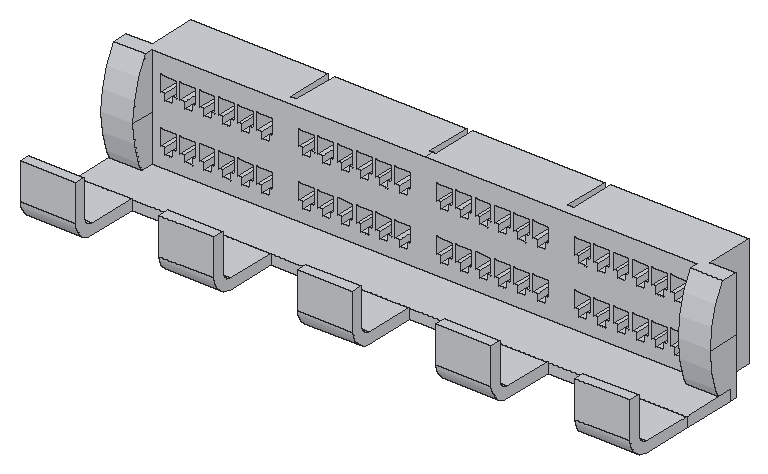
Revit family
Parameters
  Material ID = "760128207\r\n760128207"
  Description = "360 PATCHMAX GS6 6A U/UTP Patch Panel, 48"
Reference planes (in)
  plane 1 "Center (Front/Back)": y = 0
  plane 2: z = 0
  plane 3 "Center (Left/Right)": x = 0
Forms (in)
  Extrusion 1, solid
    sketch origin (0, 0, 0) x (1, 0, 0) y (0, 0, 1)
      loop
        line (0, 1.75) -> (-9.5, 1.75) -> (-9.5, 0) -> (-9.5, -1.75) -> (0, -1.75) -> (9.5, -1.75) -> (9.5, 0) -> (9.5, 1.75) -> (0, 1.75)
    from 0 to 2.5
  Extrusion 2, void
    sketch origin (0, 0, 0) x (0, 1, 0) y (0, 0, 1)
      loop
        line (-2, 1.75) -> (-3.8877, 1.75) -> (-3.8877, -1.75) -> (-2, -1.75)
        arc (-2, -1.75) -> (-2.4805, 0) -> (-2, 1.75) r 3.42703
    from -11.51115 to 12
  Extrusion 3, void
    sketch origin (0, 0, 0) x (1, 0, 0) y (0, 0, 1)
      loop
        line (-8.5, 1.75) -> (-8.5, 0) -> (-8.5, -1.75) -> (0, -1.75) -> (8.5, -1.75) -> (8.5, 0) -> (8.5, 1.75) -> (0, 1.75) -> (-8.5, 1.75)
    from 1.75233 to 12
  Extrusion 4, void
    sketch origin (0, 0, 0) x (0, 1, 0) y (0, 0, 1)
      loop
        line (0, 1.75) -> (-1.5, 1.75) -> (-1.5, -1.75) -> (0, -1.75) -> (0, 1.75)
    from 8.68821 to 11.36382
  Extrusion 5, void
    sketch origin (0, 0, 0) x (0, 1, 0) y (0, 0, -1)
      loop
        line (0, -1.75) -> (0, 1.75) -> (-1.5, 1.75) -> (-1.5, -1.75) -> (0, -1.75)
    from 8.68821 to 11.36382
  Extrusion 6, void, not visible
    sketch origin (0, 0, 0) x (1, 0, 0) y (0, 0, 1)
      loop
        line (-7.85662, 0.48089) -> (-7.85662, -0.39002) -> (-7.67285, -0.39002) -> (-7.67285, -0.64002) -> (-7.0736, -0.64002) -> (-7.0736, -0.39002) -> (-6.92978, -0.39002) -> (-6.92978, 0.48089) -> (-7.85662, 0.48089)
    from -3.79215 to 12
  Extrusion 7, void
    sketch origin (0, 0, 0.75) x (1, 0, 0) y (0, 0, 1)
      loop
        line (-8.21397, 0.42583) -> (-8.21397, -0.07417) -> (-8.08657, -0.07417) -> (-8.08657, -0.27417) -> (-7.83657, -0.27417) -> (-7.83657, -0.07417) -> (-7.72497, -0.07417) -> (-7.72497, 0.42583) -> (-8.21397, 0.42583)
    from 0.74059 to 3.34334
  Extrusion 8, void
    sketch origin (0.6, 0, 0.75) x (1, 0, 0) y (0, 0, 1)
      loop
        line (-8.21397, 0.42583) -> (-8.21397, -0.07417) -> (-8.08657, -0.07417) -> (-8.08657, -0.27417) -> (-7.83657, -0.27417) -> (-7.83657, -0.07417) -> (-7.72497, -0.07417) -> (-7.72497, 0.42583) -> (-8.21397, 0.42583)
    from 0.74059 to 3.34334
  Extrusion 9, void
    sketch origin (1.2, 0, 0.75) x (1, 0, 0) y (0, 0, 1)
      loop
        line (-8.21397, 0.42583) -> (-8.21397, -0.07417) -> (-8.08657, -0.07417) -> (-8.08657, -0.27417) -> (-7.83657, -0.27417) -> (-7.83657, -0.07417) -> (-7.72497, -0.07417) -> (-7.72497, 0.42583) -> (-8.21397, 0.42583)
    from 0.74059 to 3.34334
  Extrusion 10, void
    sketch origin (1.8, 0, 0.75) x (1, 0, 0) y (0, 0, 1)
      loop
        line (-8.21397, 0.42583) -> (-8.21397, -0.07417) -> (-8.08657, -0.07417) -> (-8.08657, -0.27417) -> (-7.83657, -0.27417) -> (-7.83657, -0.07417) -> (-7.72497, -0.07417) -> (-7.72497, 0.42583) -> (-8.21397, 0.42583)
    from 0.74059 to 3.34334
  Extrusion 11, void
    sketch origin (2.4, 0, 0.75) x (1, 0, 0) y (0, 0, 1)
      loop
        line (-8.21397, 0.42583) -> (-8.21397, -0.07417) -> (-8.08657, -0.07417) -> (-8.08657, -0.27417) -> (-7.83657, -0.27417) -> (-7.83657, -0.07417) -> (-7.72497, -0.07417) -> (-7.72497, 0.42583) -> (-8.21397, 0.42583)
    from 0.74059 to 3.34334
  Extrusion 12, void
    sketch origin (3, 0, 0.75) x (1, 0, 0) y (0, 0, 1)
      loop
        line (-8.21397, 0.42583) -> (-8.21397, -0.07417) -> (-8.08657, -0.07417) -> (-8.08657, -0.27417) -> (-7.83657, -0.27417) -> (-7.83657, -0.07417) -> (-7.72497, -0.07417) -> (-7.72497, 0.42583) -> (-8.21397, 0.42583)
    from 0.74059 to 3.34334
  Extrusion 13, void, not visible
    sketch origin (0, 0, 0) x (1, 0, 0) y (0, 0, 1)
      loop
        line (-8.21397, 0.42583) -> (-8.21397, -0.07417) -> (-8.08657, -0.07417) -> (-8.08657, -0.27417) -> (-7.83657, -0.27417) -> (-7.83657, -0.07417) -> (-7.72497, -0.07417) -> (-7.72497, 0.42583) -> (-8.21397, 0.42583)
    from 0.74059 to 3.34334
  Extrusion 14, void
    sketch origin (4.3, 0, 0.75) x (1, 0, 0) y (0, 0, 1)
      loop
        line (-8.21397, 0.42583) -> (-8.21397, -0.07417) -> (-8.08657, -0.07417) -> (-8.08657, -0.27417) -> (-7.83657, -0.27417) -> (-7.83657, -0.07417) -> (-7.72497, -0.07417) -> (-7.72497, 0.42583) -> (-8.21397, 0.42583)
    from 0.74059 to 3.34334
  Extrusion 15, void
    sketch origin (4.9, 0, 0.75) x (1, 0, 0) y (0, 0, 1)
      loop
        line (-8.21397, 0.42583) -> (-8.21397, -0.07417) -> (-8.08657, -0.07417) -> (-8.08657, -0.27417) -> (-7.83657, -0.27417) -> (-7.83657, -0.07417) -> (-7.72497, -0.07417) -> (-7.72497, 0.42583) -> (-8.21397, 0.42583)
    from 0.74059 to 3.34334
  Extrusion 16, void
    sketch origin (5.5, 0, 0.75) x (1, 0, 0) y (0, 0, 1)
      loop
        line (-8.21397, 0.42583) -> (-8.21397, -0.07417) -> (-8.08657, -0.07417) -> (-8.08657, -0.27417) -> (-7.83657, -0.27417) -> (-7.83657, -0.07417) -> (-7.72497, -0.07417) -> (-7.72497, 0.42583) -> (-8.21397, 0.42583)
    from 0.74059 to 3.34334
  Extrusion 17, void
    sketch origin (6.1, 0, 0.75) x (1, 0, 0) y (0, 0, 1)
      loop
        line (-8.21397, 0.42583) -> (-8.21397, -0.07417) -> (-8.08657, -0.07417) -> (-8.08657, -0.27417) -> (-7.83657, -0.27417) -> (-7.83657, -0.07417) -> (-7.72497, -0.07417) -> (-7.72497, 0.42583) -> (-8.21397, 0.42583)
    from 0.74059 to 3.34334
  Extrusion 18, void
    sketch origin (6.7, 0, 0.75) x (1, 0, 0) y (0, 0, 1)
      loop
        line (-8.21397, 0.42583) -> (-8.21397, -0.07417) -> (-8.08657, -0.07417) -> (-8.08657, -0.27417) -> (-7.83657, -0.27417) -> (-7.83657, -0.07417) -> (-7.72497, -0.07417) -> (-7.72497, 0.42583) -> (-8.21397, 0.42583)
    from 0.74059 to 3.34334
  Extrusion 19, void
    sketch origin (7.3, 0, 0.75) x (1, 0, 0) y (0, 0, 1)
      loop
        line (-8.21397, 0.42583) -> (-8.21397, -0.07417) -> (-8.08657, -0.07417) -> (-8.08657, -0.27417) -> (-7.83657, -0.27417) -> (-7.83657, -0.07417) -> (-7.72497, -0.07417) -> (-7.72497, 0.42583) -> (-8.21397, 0.42583)
    from 0.74059 to 3.34334
  Extrusion 20, void
    sketch origin (8.6, 0, 0.75) x (1, 0, 0) y (0, 0, 1)
      loop
        line (-8.21397, 0.42583) -> (-8.21397, -0.07417) -> (-8.08657, -0.07417) -> (-8.08657, -0.27417) -> (-7.83657, -0.27417) -> (-7.83657, -0.07417) -> (-7.72497, -0.07417) -> (-7.72497, 0.42583) -> (-8.21397, 0.42583)
    from 0.74059 to 3.34334
  Extrusion 21, void
    sketch origin (9.2, 0, 0.75) x (1, 0, 0) y (0, 0, 1)
      loop
        line (-8.21397, 0.42583) -> (-8.21397, -0.07417) -> (-8.08657, -0.07417) -> (-8.08657, -0.27417) -> (-7.83657, -0.27417) -> (-7.83657, -0.07417) -> (-7.72497, -0.07417) -> (-7.72497, 0.42583) -> (-8.21397, 0.42583)
    from 0.74059 to 3.34334
  Extrusion 22, void
    sketch origin (9.8, 0, 0.75) x (1, 0, 0) y (0, 0, 1)
      loop
        line (-8.21397, 0.42583) -> (-8.21397, -0.07417) -> (-8.08657, -0.07417) -> (-8.08657, -0.27417) -> (-7.83657, -0.27417) -> (-7.83657, -0.07417) -> (-7.72497, -0.07417) -> (-7.72497, 0.42583) -> (-8.21397, 0.42583)
    from 0.74059 to 3.34334
  Extrusion 23, void
    sketch origin (10.4, 0, 0.75) x (1, 0, 0) y (0, 0, 1)
      loop
        line (-8.21397, 0.42583) -> (-8.21397, -0.07417) -> (-8.08657, -0.07417) -> (-8.08657, -0.27417) -> (-7.83657, -0.27417) -> (-7.83657, -0.07417) -> (-7.72497, -0.07417) -> (-7.72497, 0.42583) -> (-8.21397, 0.42583)
    from 0.74059 to 3.34334
  Extrusion 24, void
    sketch origin (11, 0, 0.75) x (1, 0, 0) y (0, 0, 1)
      loop
        line (-8.21397, 0.42583) -> (-8.21397, -0.07417) -> (-8.08657, -0.07417) -> (-8.08657, -0.27417) -> (-7.83657, -0.27417) -> (-7.83657, -0.07417) -> (-7.72497, -0.07417) -> (-7.72497, 0.42583) -> (-8.21397, 0.42583)
    from 0.74059 to 3.34334
  Extrusion 25, void
    sketch origin (11.6, 0, 0.75) x (1, 0, 0) y (0, 0, 1)
      loop
        line (-8.21397, 0.42583) -> (-8.21397, -0.07417) -> (-8.08657, -0.07417) -> (-8.08657, -0.27417) -> (-7.83657, -0.27417) -> (-7.83657, -0.07417) -> (-7.72497, -0.07417) -> (-7.72497, 0.42583) -> (-8.21397, 0.42583)
    from 0.74059 to 3.34334
  Extrusion 26, void
    sketch origin (12.9, 0, 0.75) x (1, 0, 0) y (0, 0, 1)
      loop
        line (-8.21397, 0.42583) -> (-8.21397, -0.07417) -> (-8.08657, -0.07417) -> (-8.08657, -0.27417) -> (-7.83657, -0.27417) -> (-7.83657, -0.07417) -> (-7.72497, -0.07417) -> (-7.72497, 0.42583) -> (-8.21397, 0.42583)
    from 0.74059 to 3.34334
  Extrusion 27, void
    sketch origin (13.5, 0, 0.75) x (1, 0, 0) y (0, 0, 1)
      loop
        line (-8.21397, 0.42583) -> (-8.21397, -0.07417) -> (-8.08657, -0.07417) -> (-8.08657, -0.27417) -> (-7.83657, -0.27417) -> (-7.83657, -0.07417) -> (-7.72497, -0.07417) -> (-7.72497, 0.42583) -> (-8.21397, 0.42583)
    from 0.74059 to 3.34334
  Extrusion 28, void
    sketch origin (14.1, 0, 0.75) x (1, 0, 0) y (0, 0, 1)
      loop
        line (-8.21397, 0.42583) -> (-8.21397, -0.07417) -> (-8.08657, -0.07417) -> (-8.08657, -0.27417) -> (-7.83657, -0.27417) -> (-7.83657, -0.07417) -> (-7.72497, -0.07417) -> (-7.72497, 0.42583) -> (-8.21397, 0.42583)
    from 0.74059 to 3.34334
  Extrusion 29, void
    sketch origin (14.7, 0, 0.75) x (1, 0, 0) y (0, 0, 1)
      loop
        line (-8.21397, 0.42583) -> (-8.21397, -0.07417) -> (-8.08657, -0.07417) -> (-8.08657, -0.27417) -> (-7.83657, -0.27417) -> (-7.83657, -0.07417) -> (-7.72497, -0.07417) -> (-7.72497, 0.42583) -> (-8.21397, 0.42583)
    from 0.74059 to 3.34334
  Extrusion 30, void
    sketch origin (15.3, 0, 0.75) x (1, 0, 0) y (0, 0, 1)
      loop
        line (-8.21397, 0.42583) -> (-8.21397, -0.07417) -> (-8.08657, -0.07417) -> (-8.08657, -0.27417) -> (-7.83657, -0.27417) -> (-7.83657, -0.07417) -> (-7.72497, -0.07417) -> (-7.72497, 0.42583) -> (-8.21397, 0.42583)
    from 0.74059 to 3.34334
  Extrusion 31, void
    sketch origin (15.9, 0, 0.75) x (1, 0, 0) y (0, 0, 1)
      loop
        line (-8.21397, 0.42583) -> (-8.21397, -0.07417) -> (-8.08657, -0.07417) -> (-8.08657, -0.27417) -> (-7.83657, -0.27417) -> (-7.83657, -0.07417) -> (-7.72497, -0.07417) -> (-7.72497, 0.42583) -> (-8.21397, 0.42583)
    from 0.74059 to 3.34334
  Extrusion 32, solid
    sketch origin (0, 0, 0) x (1, 0, 0) y (0, 0, 1)
      loop
        line (-9.5, -1.75) -> (9.5, -1.75) -> (9.5, -1.42045) -> (-9.5, -1.42045) -> (-9.5, -1.75)
    from 1.75233 to 3.42578
  Sweep 33, solid
    path origin (-12.96098, 0, 0) x (0, 1, 0) y (0, 0, 1)
      loop
        line (-3.42578, -1.75) -> (-4.97582, -1.75)
        arc (-4.97582, -1.75) -> (-5.41551, -1.5688) -> (-5.62847, -1.14359) r 0.67897
        line (-5.62847, -1.14359) -> (-5.62847, 0)
    profile origin (-12.96098, -4.2008, -1.75) x (0, 0, -1) y (1, 0, 0)
      loop
        line (0, 3.46098) -> (0, 5.17967) -> (-0.32955, 5.17967) -> (-0.32955, 3.46098) -> (0, 3.46098)
  Sweep 34, solid
    path origin (4.32033, 0, 0) x (0, 1, 0) y (0, 0, 1)
      loop
        line (-3.42578, -1.75) -> (-4.97582, -1.75)
        arc (-4.97582, -1.75) -> (-5.41551, -1.5688) -> (-5.62847, -1.14359) r 0.67897
        line (-5.62847, -1.14359) -> (-5.62847, 0)
    profile origin (4.32033, -4.2008, -1.75) x (0, 0, -1) y (1, 0, 0)
      loop
        line (0, 3.46098) -> (0, 5.17967) -> (-0.32955, 5.17967) -> (-0.32955, 3.46098) -> (0, 3.46098)
  Sweep 35, solid
    path origin (-8.64065, 0, 0) x (0, 1, 0) y (0, 0, 1)
      loop
        line (-3.42578, -1.75) -> (-4.97582, -1.75)
        arc (-4.97582, -1.75) -> (-5.41551, -1.5688) -> (-5.62847, -1.14359) r 0.67897
        line (-5.62847, -1.14359) -> (-5.62847, 0)
    profile origin (-8.64065, -4.2008, -1.75) x (0, 0, -1) y (1, 0, 0)
      loop
        line (0, 3.46098) -> (0, 5.17967) -> (-0.32955, 5.17967) -> (-0.32955, 3.46098) -> (0, 3.46098)
  Sweep 36, solid
    path origin (-4.32033, 0, 0) x (0, 1, 0) y (0, 0, 1)
      loop
        line (-3.42578, -1.75) -> (-4.97582, -1.75)
        arc (-4.97582, -1.75) -> (-5.41551, -1.5688) -> (-5.62847, -1.14359) r 0.67897
        line (-5.62847, -1.14359) -> (-5.62847, 0)
    profile origin (-4.32033, -4.2008, -1.75) x (0, 0, -1) y (1, 0, 0)
      loop
        line (0, 3.46098) -> (0, 5.17967) -> (-0.32955, 5.17967) -> (-0.32955, 3.46098) -> (0, 3.46098)
  Sweep 37, solid
    path origin (0, 0, 0) x (0, 1, 0) y (0, 0, 1)
      loop
        line (-3.42578, -1.75) -> (-4.97582, -1.75)
        arc (-4.97582, -1.75) -> (-5.41551, -1.5688) -> (-5.62847, -1.14359) r 0.67897
        line (-5.62847, -1.14359) -> (-5.62847, 0)
    profile origin (0, -4.2008, -1.75) x (0, 0, -1) y (1, 0, 0)
      loop
        line (0, 3.46098) -> (0, 5.17967) -> (-0.32955, 5.17967) -> (-0.32955, 3.46098) -> (0, 3.46098)
  Extrusion 38, void
    sketch origin (0, 0, 0) x (1, 0, 0) y (0, 0, 1)
      loop
        line (9.21516, 1.20765) -> (9.01112, 1.20765)
        arc (9.01112, 1.20765) -> (8.88612, 1.08265) -> (9.01112, 0.95765) r 0.125
        line (9.01112, 0.95765) -> (9.21516, 0.95765)
        arc (9.21516, 0.95765) -> (9.34016, 1.08265) -> (9.21516, 1.20765) r 0.125
    from -0.81157 to 2
  Extrusion 39, void
    sketch origin (0, 0, 0) x (1, 0, 0) y (0, 0, 1)
      loop
        arc (9.21516, -1.20765) -> (9.34016, -1.08265) -> (9.21516, -0.95765) r 0.125
        line (9.21516, -0.95765) -> (9.01112, -0.95765)
        arc (9.01112, -0.95765) -> (8.88612, -1.08265) -> (9.01112, -1.20765) r 0.125
        line (9.01112, -1.20765) -> (9.21516, -1.20765)
    from -0.81157 to 2
  Extrusion 40, void
    sketch origin (0, 0, 0) x (-1, 0, 0) y (0, 0, -1)
      loop
        arc (9.21516, -1.20765) -> (9.34016, -1.08265) -> (9.21516, -0.95765) r 0.125
        line (9.21516, -0.95765) -> (9.01112, -0.95765)
        arc (9.01112, -0.95765) -> (8.88612, -1.08265) -> (9.01112, -1.20765) r 0.125
        line (9.01112, -1.20765) -> (9.21516, -1.20765)
    from -0.81157 to 2
  Extrusion 41, void
    sketch origin (0, 0, 0) x (-1, 0, 0) y (0, 0, -1)
      loop
        line (9.21516, 1.20765) -> (9.01112, 1.20765)
        arc (9.01112, 1.20765) -> (8.88612, 1.08265) -> (9.01112, 0.95765) r 0.125
        line (9.01112, 0.95765) -> (9.21516, 0.95765)
        arc (9.21516, 0.95765) -> (9.34016, 1.08265) -> (9.21516, 1.20765) r 0.125
    from -0.81157 to 2
  Extrusion 42, void
    sketch origin (0, 0, 0) x (1, 0, 0) y (0, 0, 1)
      loop
        line (4.40826, 1.75) -> (4.20826, 1.75) -> (4.20826, -1.75) -> (4.40826, -1.75) -> (4.40826, 1.75)
    from 0 to 1.44779
  Extrusion 43, void
    sketch origin (-4.29969, 0, 0) x (1, 0, 0) y (0, 0, 1)
      loop
        line (4.40826, 1.75) -> (4.20826, 1.75) -> (4.20826, -1.75) -> (4.40826, -1.75) -> (4.40826, 1.75)
    from 0 to 1.44779
  Extrusion 44, void
    sketch origin (-8.6195, 0, 0) x (1, 0, 0) y (0, 0, 1)
      loop
        line (4.40826, 1.75) -> (4.20826, 1.75) -> (4.20826, -1.75) -> (4.40826, -1.75) -> (4.40826, 1.75)
    from 0 to 1.44779
  Extrusion 45, void
    sketch origin (0, 0, -0.75) x (1, 0, 0) y (0, 0, 1)
      loop
        line (-8.21397, 0.42583) -> (-8.21397, -0.07417) -> (-8.08657, -0.07417) -> (-8.08657, -0.27417) -> (-7.83657, -0.27417) -> (-7.83657, -0.07417) -> (-7.72497, -0.07417) -> (-7.72497, 0.42583) -> (-8.21397, 0.42583)
    from 0.74059 to 3.34334
  Extrusion 46, void
    sketch origin (0.6, 0, -0.75) x (1, 0, 0) y (0, 0, 1)
      loop
        line (-8.21397, 0.42583) -> (-8.21397, -0.07417) -> (-8.08657, -0.07417) -> (-8.08657, -0.27417) -> (-7.83657, -0.27417) -> (-7.83657, -0.07417) -> (-7.72497, -0.07417) -> (-7.72497, 0.42583) -> (-8.21397, 0.42583)
    from 0.74059 to 3.34334
  Extrusion 47, void
    sketch origin (1.2, 0, -0.75) x (1, 0, 0) y (0, 0, 1)
      loop
        line (-8.21397, 0.42583) -> (-8.21397, -0.07417) -> (-8.08657, -0.07417) -> (-8.08657, -0.27417) -> (-7.83657, -0.27417) -> (-7.83657, -0.07417) -> (-7.72497, -0.07417) -> (-7.72497, 0.42583) -> (-8.21397, 0.42583)
    from 0.74059 to 3.34334
  Extrusion 48, void
    sketch origin (1.8, 0, -0.75) x (1, 0, 0) y (0, 0, 1)
      loop
        line (-8.21397, 0.42583) -> (-8.21397, -0.07417) -> (-8.08657, -0.07417) -> (-8.08657, -0.27417) -> (-7.83657, -0.27417) -> (-7.83657, -0.07417) -> (-7.72497, -0.07417) -> (-7.72497, 0.42583) -> (-8.21397, 0.42583)
    from 0.74059 to 3.34334
  Extrusion 49, void
    sketch origin (2.4, 0, -0.75) x (1, 0, 0) y (0, 0, 1)
      loop
        line (-8.21397, 0.42583) -> (-8.21397, -0.07417) -> (-8.08657, -0.07417) -> (-8.08657, -0.27417) -> (-7.83657, -0.27417) -> (-7.83657, -0.07417) -> (-7.72497, -0.07417) -> (-7.72497, 0.42583) -> (-8.21397, 0.42583)
    from 0.74059 to 3.34334
  Extrusion 50, void
    sketch origin (3, 0, -0.75) x (1, 0, 0) y (0, 0, 1)
      loop
        line (-8.21397, 0.42583) -> (-8.21397, -0.07417) -> (-8.08657, -0.07417) -> (-8.08657, -0.27417) -> (-7.83657, -0.27417) -> (-7.83657, -0.07417) -> (-7.72497, -0.07417) -> (-7.72497, 0.42583) -> (-8.21397, 0.42583)
    from 0.74059 to 3.34334
  Extrusion 51, void
    sketch origin (4.3, 0, -0.75) x (1, 0, 0) y (0, 0, 1)
      loop
        line (-8.21397, 0.42583) -> (-8.21397, -0.07417) -> (-8.08657, -0.07417) -> (-8.08657, -0.27417) -> (-7.83657, -0.27417) -> (-7.83657, -0.07417) -> (-7.72497, -0.07417) -> (-7.72497, 0.42583) -> (-8.21397, 0.42583)
    from 0.74059 to 3.34334
  Extrusion 52, void
    sketch origin (4.9, 0, -0.75) x (1, 0, 0) y (0, 0, 1)
      loop
        line (-8.21397, 0.42583) -> (-8.21397, -0.07417) -> (-8.08657, -0.07417) -> (-8.08657, -0.27417) -> (-7.83657, -0.27417) -> (-7.83657, -0.07417) -> (-7.72497, -0.07417) -> (-7.72497, 0.42583) -> (-8.21397, 0.42583)
    from 0.74059 to 3.34334
  Extrusion 53, void
    sketch origin (5.5, 0, -0.75) x (1, 0, 0) y (0, 0, 1)
      loop
        line (-8.21397, 0.42583) -> (-8.21397, -0.07417) -> (-8.08657, -0.07417) -> (-8.08657, -0.27417) -> (-7.83657, -0.27417) -> (-7.83657, -0.07417) -> (-7.72497, -0.07417) -> (-7.72497, 0.42583) -> (-8.21397, 0.42583)
    from 0.74059 to 3.34334
  Extrusion 54, void
    sketch origin (6.1, 0, -0.75) x (1, 0, 0) y (0, 0, 1)
      loop
        line (-8.21397, 0.42583) -> (-8.21397, -0.07417) -> (-8.08657, -0.07417) -> (-8.08657, -0.27417) -> (-7.83657, -0.27417) -> (-7.83657, -0.07417) -> (-7.72497, -0.07417) -> (-7.72497, 0.42583) -> (-8.21397, 0.42583)
    from 0.74059 to 3.34334
  Extrusion 55, void
    sketch origin (6.7, 0, -0.75) x (1, 0, 0) y (0, 0, 1)
      loop
        line (-8.21397, 0.42583) -> (-8.21397, -0.07417) -> (-8.08657, -0.07417) -> (-8.08657, -0.27417) -> (-7.83657, -0.27417) -> (-7.83657, -0.07417) -> (-7.72497, -0.07417) -> (-7.72497, 0.42583) -> (-8.21397, 0.42583)
    from 0.74059 to 3.34334
  Extrusion 56, void
    sketch origin (7.3, 0, -0.75) x (1, 0, 0) y (0, 0, 1)
      loop
        line (-8.21397, 0.42583) -> (-8.21397, -0.07417) -> (-8.08657, -0.07417) -> (-8.08657, -0.27417) -> (-7.83657, -0.27417) -> (-7.83657, -0.07417) -> (-7.72497, -0.07417) -> (-7.72497, 0.42583) -> (-8.21397, 0.42583)
    from 0.74059 to 3.34334
  Extrusion 57, void
    sketch origin (8.6, 0, -0.75) x (1, 0, 0) y (0, 0, 1)
      loop
        line (-8.21397, 0.42583) -> (-8.21397, -0.07417) -> (-8.08657, -0.07417) -> (-8.08657, -0.27417) -> (-7.83657, -0.27417) -> (-7.83657, -0.07417) -> (-7.72497, -0.07417) -> (-7.72497, 0.42583) -> (-8.21397, 0.42583)
    from 0.74059 to 3.34334
  Extrusion 58, void
    sketch origin (9.2, 0, -0.75) x (1, 0, 0) y (0, 0, 1)
      loop
        line (-8.21397, 0.42583) -> (-8.21397, -0.07417) -> (-8.08657, -0.07417) -> (-8.08657, -0.27417) -> (-7.83657, -0.27417) -> (-7.83657, -0.07417) -> (-7.72497, -0.07417) -> (-7.72497, 0.42583) -> (-8.21397, 0.42583)
    from 0.74059 to 3.34334
  Extrusion 59, void
    sketch origin (9.8, 0, -0.75) x (1, 0, 0) y (0, 0, 1)
      loop
        line (-8.21397, 0.42583) -> (-8.21397, -0.07417) -> (-8.08657, -0.07417) -> (-8.08657, -0.27417) -> (-7.83657, -0.27417) -> (-7.83657, -0.07417) -> (-7.72497, -0.07417) -> (-7.72497, 0.42583) -> (-8.21397, 0.42583)
    from 0.74059 to 3.34334
  Extrusion 60, void
    sketch origin (10.4, 0, -0.75) x (1, 0, 0) y (0, 0, 1)
      loop
        line (-8.21397, 0.42583) -> (-8.21397, -0.07417) -> (-8.08657, -0.07417) -> (-8.08657, -0.27417) -> (-7.83657, -0.27417) -> (-7.83657, -0.07417) -> (-7.72497, -0.07417) -> (-7.72497, 0.42583) -> (-8.21397, 0.42583)
    from 0.74059 to 3.34334
  Extrusion 61, void
    sketch origin (11, 0, -0.75) x (1, 0, 0) y (0, 0, 1)
      loop
        line (-8.21397, 0.42583) -> (-8.21397, -0.07417) -> (-8.08657, -0.07417) -> (-8.08657, -0.27417) -> (-7.83657, -0.27417) -> (-7.83657, -0.07417) -> (-7.72497, -0.07417) -> (-7.72497, 0.42583) -> (-8.21397, 0.42583)
    from 0.74059 to 3.34334
  Extrusion 62, void
    sketch origin (11.6, 0, -0.75) x (1, 0, 0) y (0, 0, 1)
      loop
        line (-8.21397, 0.42583) -> (-8.21397, -0.07417) -> (-8.08657, -0.07417) -> (-8.08657, -0.27417) -> (-7.83657, -0.27417) -> (-7.83657, -0.07417) -> (-7.72497, -0.07417) -> (-7.72497, 0.42583) -> (-8.21397, 0.42583)
    from 0.74059 to 3.34334
  Extrusion 63, void
    sketch origin (12.9, 0, -0.75) x (1, 0, 0) y (0, 0, 1)
      loop
        line (-8.21397, 0.42583) -> (-8.21397, -0.07417) -> (-8.08657, -0.07417) -> (-8.08657, -0.27417) -> (-7.83657, -0.27417) -> (-7.83657, -0.07417) -> (-7.72497, -0.07417) -> (-7.72497, 0.42583) -> (-8.21397, 0.42583)
    from 0.74059 to 3.34334
  Extrusion 64, void
    sketch origin (13.5, 0, -0.75) x (1, 0, 0) y (0, 0, 1)
      loop
        line (-8.21397, 0.42583) -> (-8.21397, -0.07417) -> (-8.08657, -0.07417) -> (-8.08657, -0.27417) -> (-7.83657, -0.27417) -> (-7.83657, -0.07417) -> (-7.72497, -0.07417) -> (-7.72497, 0.42583) -> (-8.21397, 0.42583)
    from 0.74059 to 3.34334
  Extrusion 65, void
    sketch origin (14.1, 0, -0.75) x (1, 0, 0) y (0, 0, 1)
      loop
        line (-8.21397, 0.42583) -> (-8.21397, -0.07417) -> (-8.08657, -0.07417) -> (-8.08657, -0.27417) -> (-7.83657, -0.27417) -> (-7.83657, -0.07417) -> (-7.72497, -0.07417) -> (-7.72497, 0.42583) -> (-8.21397, 0.42583)
    from 0.74059 to 3.34334
  Extrusion 66, void
    sketch origin (14.7, 0, -0.75) x (1, 0, 0) y (0, 0, 1)
      loop
        line (-8.21397, 0.42583) -> (-8.21397, -0.07417) -> (-8.08657, -0.07417) -> (-8.08657, -0.27417) -> (-7.83657, -0.27417) -> (-7.83657, -0.07417) -> (-7.72497, -0.07417) -> (-7.72497, 0.42583) -> (-8.21397, 0.42583)
    from 0.74059 to 3.34334
  Extrusion 67, void
    sketch origin (15.3, 0, -0.75) x (1, 0, 0) y (0, 0, 1)
      loop
        line (-8.21397, 0.42583) -> (-8.21397, -0.07417) -> (-8.08657, -0.07417) -> (-8.08657, -0.27417) -> (-7.83657, -0.27417) -> (-7.83657, -0.07417) -> (-7.72497, -0.07417) -> (-7.72497, 0.42583) -> (-8.21397, 0.42583)
    from 0.74059 to 3.34334
  Extrusion 68, void
    sketch origin (15.9, 0, -0.75) x (1, 0, 0) y (0, 0, 1)
      loop
        line (-8.21397, 0.42583) -> (-8.21397, -0.07417) -> (-8.08657, -0.07417) -> (-8.08657, -0.27417) -> (-7.83657, -0.27417) -> (-7.83657, -0.07417) -> (-7.72497, -0.07417) -> (-7.72497, 0.42583) -> (-8.21397, 0.42583)
    from 0.74059 to 3.34334
Cuts and joins
  Extrusion 2, Extrusion 3, Extrusion 4, Extrusion 5, Extrusion 7, Extrusion 8, Extrusion 9, Extrusion 10, Extrusion 11, Extrusion 12, Extrusion 14, Extrusion 15, Extrusion 16, Extrusion 17, Extrusion 18, Extrusion 19, Extrusion 20, Extrusion 21, Extrusion 22, Extrusion 23, Extrusion 24, Extrusion 25, Extrusion 26, Extrusion 27, Extrusion 28, Extrusion 29, Extrusion 30, Extrusion 31, Extrusion 38, Extrusion 39, Extrusion 40, Extrusion 41, Extrusion 42, Extrusion 43, Extrusion 44, Extrusion 45, Extrusion 46, Extrusion 47, Extrusion 48, Extrusion 49, Extrusion 50, Extrusion 51, Extrusion 52, Extrusion 53, Extrusion 54, Extrusion 55, Extrusion 56, Extrusion 57, Extrusion 58, Extrusion 59, Extrusion 60, Extrusion 61, Extrusion 62, Extrusion 63, Extrusion 64, Extrusion 65, Extrusion 66, Extrusion 67, Extrusion 68 cuts Extrusion 1
  Extrusion 42 cuts Extrusion 32
  Extrusion 42 cuts Sweep 37
Dimensions and locks (in)
  equal spacing: group 2, group 3, group 4, group 5, group 6, group 7  (x3)
  equal spacing: group 9, group 10, group 11, group 12, group 13, group 14  (x3)
  equal spacing: group 16, group 17, group 18, group 19, group 20, group 21  (x3)
  equal spacing: group 23, group 24, group 25, group 26, group 27, group 28  (x3)
  equal spacing: group 30, group 32, group 33, group 34, group 31  (x3)
  equal spacing: group 41, group 42, group 43, group 44, group 45, group 46  (x3)
  equal spacing: group 48, group 49, group 50, group 51, group 52, group 53  (x3)
  equal spacing: group 55, group 56, group 57, group 58, group 59, group 60  (x3)
  aligned and locked: level to Extrusion 1 sketch curve
  aligned and locked: plane 3 "Center (Left/Right)" to Extrusion 1 sketch curve
  aligned and locked: Extrusion 3 sketch curve to cut or joined group 1 (Extrusion 1, Extrusion 2, Extrusion 3, Extrusion 4, Extrusion 5, Extrusion 7, Extrusion 8, Extrusion 9, Extrusion 10, Extrusion 11, Extrusion 12, Extrusion 14, Extrusion 15, Extrusion 16, Extrusion 17, Extrusion 18, Extrusion 19, Extrusion 20, Extrusion 21, Extrusion 22, Extrusion 23, Extrusion 24, Extrusion 25, Extrusion 26, Extrusion 27, Extrusion 28, Extrusion 29, Extrusion 30, Extrusion 31, Extrusion 38, Extrusion 39, Extrusion 40, Extrusion 41, Extrusion 42, Extrusion 43, Extrusion 44, Extrusion 45, Extrusion 46, Extrusion 47, Extrusion 48, Extrusion 49, Extrusion 50, Extrusion 51, Extrusion 52, Extrusion 53, Extrusion 54, Extrusion 55, Extrusion 56, Extrusion 57, Extrusion 58, Extrusion 59, Extrusion 60, Extrusion 61, Extrusion 62, Extrusion 63, Extrusion 64, Extrusion 65, Extrusion 66, Extrusion 67, Extrusion 68)  (x2)
  aligned and locked: level to Extrusion 3 sketch curve
  aligned and locked: Extrusion 4 sketch curve to cut or joined group 1
  aligned and locked: Extrusion 32 sketch curve to cut or joined group 1  (x2)
  aligned and locked: cut or joined group 1 to Extrusion 32 sketch curve
  aligned and locked: cut or joined group 1 to Extrusion 32
